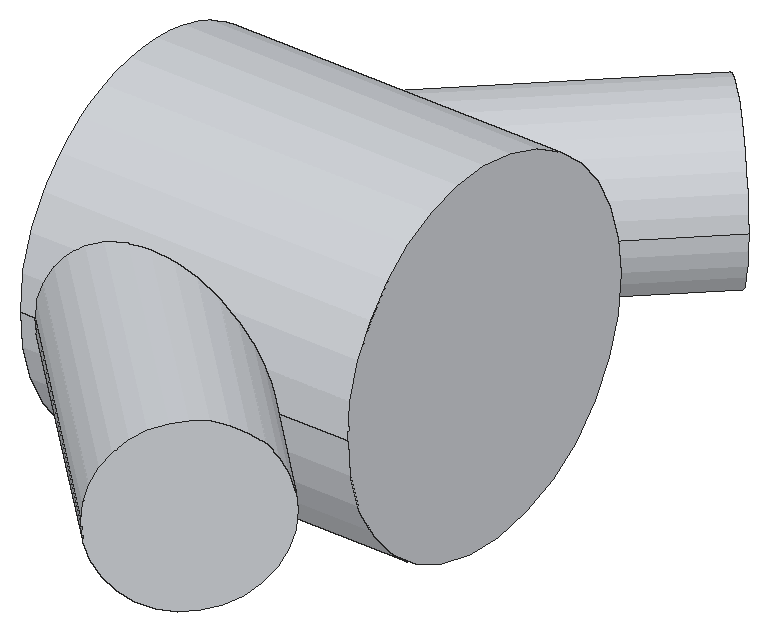
Revit family "76f2714ba81d4701aeccdbb0b26ddf35", category Duct Fittings, Revit 2021
Family settings
  Round Connector Dimension = Use Radius
  Part Type = Wye
  OmniClass Number = 23.75.70.14
  OmniClass Title = Air Ductwork
  Seek Item ID = Round Double Wye-0000-USA-ENU
  Work Plane-Based = No
  Always vertical = Yes
  Cut with Voids When Loaded = No
  Shared = No
Parameters (values of type "Standard")
  Duct Total Length [instance] = if(Angle 3 < 90.00°, Duct Length 1 * 2, if(Duct Shoulder 3 > Duct Shoulder 4, Duct Length 1 + 0' 1" + Duct Shoulder 3, Duct Length 1 + 0' 1" + Duct Shoulder 4))  # 50.97056"
  Duct Shoulder 4 [instance] = if(Angle 3 < 90.00°, Duct Radius 4 / sin(Angle 4) - Duct Radius 1 * (1 / tan(Angle 4)), Duct Radius 4 / sin(Angle 4) - Duct Radius 1 * (1 / tan(180.00° - Angle 4)))  # -3.51472"
  Duct Shoulder 3 [instance] = if(Angle 3 < 90.00°, Duct Radius 3 / sin(Angle 3) - Duct Radius 1 * (1 / tan(Angle 3)), Duct Radius 3 / sin(Angle 3) - Duct Radius 1 * (1 / tan(180.00° - Angle 3)))  # -3.51472"
  Duct Shoulder 2 [instance] = if(Angle 4 < 90.00°, Duct Radius 1 * (1 / tan(Angle 4)) + Duct Radius 4 / sin(Angle 4), Duct Radius 1 * (1 / tan(180.00° - Angle 4)) + Duct Radius 4 / sin(Angle 4))  # 20.48528"
  Duct Shoulder 1 [instance] = if(Angle 3 < 90.00°, Duct Radius 1 * (1 / tan(Angle 3)) + Duct Radius 3 / sin(Angle 3), Duct Radius 1 * (1 / tan(180.00° - Angle 3)) + Duct Radius 3 / sin(Angle 3))  # 20.48528"
  Duct Radius 4 [instance] = 6"
  Duct Radius 3 [instance] = 6"
  Duct Radius 1 [instance] = 12"
  Duct Length 4 [instance] = Duct Radius 1 / sin(Angle 4) * 2  # 33.94113"
  Duct Length 3 [instance] = Duct Radius 1 / sin(Angle 3) * 2  # 33.94113"
  Duct Length 2 [instance] = if(Duct Shoulder 3 > Duct Shoulder 4, Duct Length 1 + 0' 1" + Duct Shoulder 3, Duct Length 1 + 0' 1" + Duct Shoulder 4)  # 22.97056"
  Duct Length 1 [instance] = if(Duct Shoulder 1 > Duct Shoulder 2, Duct Shoulder 1 + 0' 5", Duct Shoulder 2 + 0' 5")  # 25.48528"
  Default Elevation = 0' - 0"
  Angle 4 [instance] = 45.00°
  Angle 3 [instance] = 45.00°
Reference planes (in)
  plane 1 "Center (Front/Back)": y = 0
  plane 2: z = 0
  plane 3 "Center (Left/Right)": x = 0
  plane 4: x = 2.51472
  plane 5: x = 25.48528
  plane 6: x = -25.48528
  plane 7: x = 52.3259
Forms (in)
  Sweep 1, solid, detail levels medium+fine
    path in 3D
      loop
        line (0, 0, 0) -> (24, 24, 0)
    profile origin (12, 12, 0) x (-0.707107, 0.707107, 0) y (0, 0, 1)
      loop
        circle (0, 0) r 6
  Sweep 2, solid, detail levels medium+fine
    path in 3D
      loop
        line (0, 0, 0) -> (24, -24, 0)
    profile origin (12, -12, 0) x (0.707107, 0.707107, 0) y (0, 0, 1)
      loop
        circle (0, 0) r 6
  Sweep 3, void
    path in 3D
      loop
        line (-25.48528, 0, 0) -> (52.3259, 0, 0)
    profile origin (13.42031, 0, 0) x (0, 1, 0) y (0, 0, 1)
      loop
        circle (0, 0) r 12
  Sweep 4, solid, detail levels medium+fine
    path in 3D
      loop
        line (2.51472, 0, 0) -> (25.48528, 0, 0)
    profile origin (14, 0, 0) x (0, 1, 0) y (0, 0, 1)
      loop
        circle (0, 0) r 12
Cuts and joins
  Sweep 3 cuts Sweep 1
  Sweep 3 cuts Sweep 2
  joined: Sweep 1, Sweep 2, Sweep 4
Lines and regions (in)
  model lines, detail levels coarse
    curve 1: line (0, 0, 0) -> (24, 24, 0)
    curve 2: line (0, 0, 0) -> (24, -24, 0)
    curve 3: line (2.51472, 0, 0) -> (25.48528, 0, 0)
  reference lines
    curve 4: line (-25.48528, 0, 0) -> (52.3259, 0, 0)
  sketch lines
    curve 5: line (0, 0, 0) -> (24, 24, 0)
    curve 6: line (0, 0, 0) -> (24, -24, 0)
    curve 7: line (-25.48528, 0, 0) -> (52.3259, 0, 0)
    curve 8: line (2.51472, 0, 0) -> (25.48528, 0, 0)
Dimensions and locks (in)
  "Duct Length 3": curve 1 to curve 1
  "Duct Length 4": curve 2 to curve 2
  "Duct Length 2": plane 4 to plane 5
  "Duct Length 1": plane 6 to plane 3 "Center (Left/Right)"
  "Duct Total Length": plane 6 to plane 5
  plane 3 "Center (Left/Right)" to plane 7 = 4' - 4.3259"
  "Duct Radius 3": radius of Sweep 1 sketch curve
  "Duct Radius 4": radius of Sweep 2 sketch curve
  "Duct Radius 1": radius of Sweep 3 sketch curve
  "Duct Radius 1": radius of Sweep 4 sketch curve
  "Angle 3": angle curve 3 to curve 1
  "Angle 4": angle curve 2 to curve 3
  aligned and locked: plane 4 to curve 3
  aligned and locked: plane 5 to curve 3
  aligned and locked: plane 1 "Center (Front/Back)" to curve 3
  aligned and locked: plane 7 to curve 4
  aligned and locked: plane 6 to curve 4
  aligned and locked: plane 1 "Center (Front/Back)" to curve 4
Automatic sketch dimensions
  curve 2 to plane 1 "Center (Front/Back)" = 0' - 0"
  curve 2 to plane 3 "Center (Left/Right)" = 0' - 0"
  Sweep 1 sketch curve to profile plane = 0' - 0"  (x2)
  Sweep 2 sketch curve to profile plane = 0' - 0"  (x2)
  Sweep 3 sketch curve to profile plane = 0' - 0"  (x2)
  Sweep 4 sketch curve to profile plane = 0' - 0"  (x2)
Connectors (in)
  hvac at (2.51472, 0, 0), driven by "Duct Radius 1"
    settings: on cut or joined group of Sweep 1, Sweep 2, Sweep 3, Sweep 4, index 1, duct flow 0 CFM, flow factor 0, pres drop 0.00 in-wg, loss coef 0, conn angle 0.00°, conn width 12", conn height 12", conn diameter 24", duct sys type 28, conn prof type 0, flow config 0, flow direction 0, loss method 0, conn ref index 2, conn util no, is conn primary yes, conn desc ""
  hvac at (25.48528, 0, 0), driven by "Duct Radius 1"
    settings: on cut or joined group of Sweep 1, Sweep 2, Sweep 3, Sweep 4, index 2, duct flow 0 CFM, flow factor 0, pres drop 0.00 in-wg, loss coef 0, conn angle 0.00°, conn width 12", conn height 12", conn diameter 24", duct sys type 28, conn prof type 0, flow config 0, flow direction 0, loss method 0, conn ref index 1, conn util no, is conn primary no, conn desc ""
  hvac at (24, 24, 0), driven by "Duct Radius 3", driven by "Angle 3"
    settings: on cut or joined group of Sweep 1, Sweep 2, Sweep 3, Sweep 4, index 3, duct flow 0 CFM, flow factor 0, pres drop 0.00 in-wg, loss coef 0, conn angle 45.00°, conn width 12", conn height 12", conn diameter 12", duct sys type 28, conn prof type 0, flow config 0, flow direction 0, loss method 0, conn ref index -1, conn util no, is conn primary no, conn desc ""
  hvac at (24, -24, 0), driven by "Angle 4", driven by "Duct Radius 4"
    settings: on cut or joined group of Sweep 1, Sweep 2, Sweep 3, Sweep 4, index 4, duct flow 0 CFM, flow factor 0, pres drop 0.00 in-wg, loss coef 0, conn angle 45.00°, conn width 12", conn height 12", conn diameter 12", duct sys type 28, conn prof type 0, flow config 0, flow direction 0, loss method 0, conn ref index -1, conn util no, is conn primary no, conn desc ""
